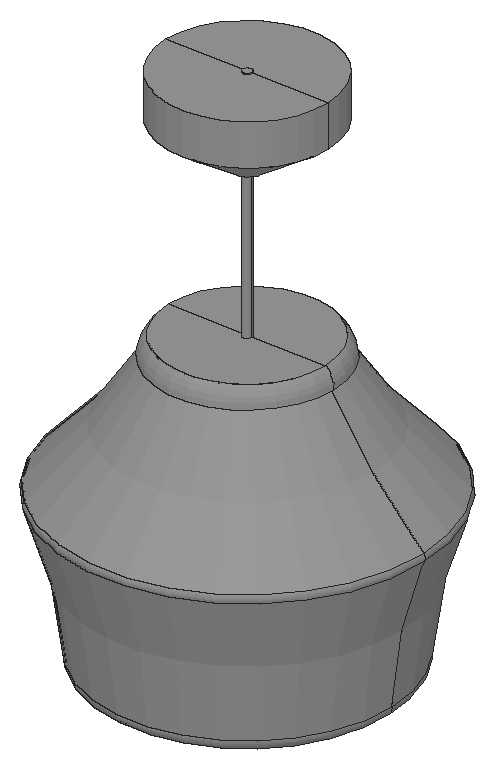
Revit family "63_UN_Pendant_GO-2M Canopy_Signify", category Lighting Fixtures, Revit 2019
Family settings
  Round Connector Dimension = Use Diameter
  Part Type = Normal
  OmniClass Number = 23.80.70.11
  OmniClass Title = Luminaries for Internal Lighting
  Work Plane-Based = No
  Always vertical = Yes
  Cut with Voids When Loaded = No
  Light Source = No
  Shared = No
  Room Calculation Point = Yes
Parameters (values of type "GO-1M")
  Wattage Comments = "10W"
  Voltage = 230 V
  URL = "https://www.signify.com/global/innovation/3d-printing"
  Type Comments = "GO-2M"
  Pendant_Material = UHMW, Black
  Pendant_Length [instance] = 200 mm
  Symbol_ToScale [instance] = yes
  Symbol_RealSize [instance] = not(Symbol_ToScale)  # no
  Switch Code [instance] = ""
  Model = "Pendant"
  Manufacturer = "Signify"
  Luminaire Code [instance] = ""
  Lamp = "LED"
  IfcExportType = "USERDEFINED"
  IfcExportAs = "IfcLightFixtureType"
  Housing_Material = Select RGB Value for different appearance
  Description = ""
  Content Creator® = "www.ivlibrary.com"
  Calc_Pendant_Length [instance] = if(Pendant_Length < 200 mm, 200 mm, if(Pendant_Length > 3000 mm, 3000 mm, Pendant_Length))  # 200 mm
  Assembly Code = "63.0"
  Apparent Load = 10 VA
Reference planes
  plane 1 "Center (Front/Back)": y = 0
  plane 2: z = 0
  plane 3 "Center (Left/Right)": x = 0
  plane 4: z = -200
  plane 5: z = -330
Forms (mm)
  Extrusion 1, solid, material "UHMW, Black" <- "Pendant_Material"
    sketch origin (0, 0, 0) x (1, 0, 0) y (0, 1, 0)
      loop
        circle (0, 0) r 3.848
    from -200 to 0
  Revolve 2, solid, material "UHMW, Black" <- "Pendant_Material"
    sketch origin (0, 0, 0) x (1, 0, 0) y (0, 0, 1)
      loop
        line (-68.5, 0) -> (-68.5, -35.165) -> (-13.084, -72.544) -> (0, -72.544) -> (0, 0) -> (-68.5, 0)
      axis (0, 0) -> (0, -72.544)
    angle from 0 to 360
Lines and regions (mm)
  symbolic lines, visible <- "Symbol_RealSize"
    curve 1: circle (0, 0, 0) r 150 normal (0, 0, 1)
    curve 2: line (-106.066, 106.066, 0) -> (0, 0, 0)
    curve 3: line (0, 0, 0) -> (-106.066, -106.066, 0)
    curve 4: line (106.066, 106.066, 0) -> (0, 0, 0)
    curve 5: line (0, 0, 0) -> (106.066, -106.066, 0)
Dimensions and locks
  "Calc_Pendant_Length": plane 2 to plane 4
  locked: plane 4 to plane 5 at 130
  aligned and locked: level to plane 2
  aligned and locked: plane 2 to Extrusion 1
  aligned and locked: plane 4 to Extrusion 1
  aligned and locked: nested 1 to plane 4
Automatic sketch dimensions
  plane 1 "Center (Front/Back)" to curve 2 = 0 mm
  curve 2 to plane 3 "Center (Left/Right)" = 0 mm
  plane 1 "Center (Front/Back)" to curve 1 = 0 mm
  curve 1 to plane 3 "Center (Left/Right)" = 0 mm
  curve 3 to plane 3 "Center (Left/Right)" = 106.066 mm
  curve 2 to plane 3 "Center (Left/Right)" = 106.066 mm
  plane 1 "Center (Front/Back)" to curve 5 = 106.066 mm
  plane 1 "Center (Front/Back)" to Extrusion 1 sketch curve = 0 mm
  Extrusion 1 sketch curve to plane 3 "Center (Left/Right)" = 0 mm
  Revolve 2 sketch curve to level = 0 mm
  Revolve 2 sketch curve to plane 3 "Center (Left/Right)" = 0 mm  (x2)
  Revolve 2 sketch curve to plane 3 "Center (Left/Right)" = 13.084 mm
  Revolve 2 sketch curve to plane 3 "Center (Left/Right)" = 68.5 mm
  Revolve 2 sketch curve to Revolve 2 sketch curve = 35.165 mm
  Revolve 2 sketch curve to Revolve 2 sketch curve = 72.544 mm
  Revolve 2 sketch curve to Revolve 2 sketch curve = 6.499 mm
  level to Revolve 2 sketch curve = 2214.315 mm
  radius of Extrusion 1 sketch curve = 3.848 mm
Nested families
  nested 1: "GO-2M" at (0, 0, -200), Housing_Material <- "Housing_Material", type "Geometry"
    with Housing_Material Select RGB Value for different appearance
  nested 2: "Ø300 Symbol_Signify" at (0, 0, 0), visible <- "Symbol_ToScale", type "Ø400 Symbol_Signify"
Connectors
  electrical at (0, 0, 0), driven by "Apparent Load", driven by "Voltage"
    settings: index 1, voltage 230 V, apparent load 0 VA, apparent load phase1 10 VA, apparent load phase2 0 VA, apparent load phase3 0 VA, power factor 1, load classification "Other", number of poles 1, system type 31, power factor state 1, is connector primary yes, connector utility no, sub classification motor no, connector description ""
Definition of nested family "GO-2M"
  Parameters (values of type "Geometry")
    URL = "Signify.com"
    Type Comments = ""
    Model = "Geometry"
    Manufacturer = "Signify"
    Lamp = "LED"
    Housing_Material [instance] = none
    Assembly Code = "63.xx"
    Apparent Load = 41 VA
  Reference planes
    plane 1 "Center (Front/Back)": y = 0
    plane 2: z = 0
    plane 3 "Center (Left/Right)": x = 0
    plane 4: z = 0
  Forms (mm)
    Revolve 1, solid, material <- "Housing_Material"
      sketch origin (0, 0, 20.589) x (1, 0, 0) y (0, 0, 1)
        loop
          arc (-70.705, -36.196) -> (-106.153, -87.965) -> (-149.081, -133.723) r 410.225
          arc (-149.081, -133.723) -> (-150.105, -136.817) -> (-149.602, -140.038) r 6.938
          arc (-149.602, -140.038) -> (-130.883, -198.595) -> (-122.038, -259.431) r 372.944
          arc (-122.038, -259.431) -> (-120.665, -264.864) -> (-116.161, -268.197) r 8.328
          arc (-116.161, -268.197) -> (-58.137, -290.768) -> (-4.263, -321.976) r 404.492
          arc (-4.263, -321.976) -> (-2.231, -323.016) -> (0, -323.501) r 8.856
          line (0, -323.501) -> (0, -322.497)
          arc (0, -322.497) -> (-1.934, -322.06) -> (-3.697, -321.152) r 7.856
          arc (-3.697, -321.152) -> (-57.703, -289.867) -> (-115.871, -267.24) r 405.492
          arc (-115.871, -267.24) -> (-119.856, -264.275) -> (-121.035, -259.45) r 7.328
          arc (-121.035, -259.45) -> (-129.9, -198.409) -> (-148.678, -139.656) r 373.944
          arc (-148.678, -139.656) -> (-149.113, -136.966) -> (-148.301, -134.364) r 5.938
          arc (-148.301, -134.364) -> (-105.148, -88.311) -> (-69.551, -36.196) r 411.225
          line (-69.551, -36.196) -> (-70.705, -36.196)
        axis (0, -36.196) -> (0, -323.501)
      angle from 0 to 360
    Revolve 2, solid
      sketch origin (0, 0, 0) x (1, 0, 0) y (0, 0, 1)
        loop
          line (0, -15.607) -> (0, 0) -> (-66.441, 0)
          arc (-66.441, 0) -> (-71.571, -7.066) -> (-73.39, -15.607) r 21.034
          line (-73.39, -15.607) -> (0, -15.607)
        axis (0, 0) -> (0, -15.607)
      angle from 0 to 360
  Lines and regions (mm)
    reference lines
      curve 1: line (-173.969, 0, 0) -> (173.969, 0, 0)
  Dimensions and locks
    aligned and locked: level to plane 2
Definition of nested family "Ø300 Symbol_Signify"
  Reference planes
    plane 1: y = 0
    plane 2: x = 0
  Lines and regions (mm)
    detail lines
      curve 1: circle (0, 0, 0) r 1.5 normal (0, 0, 1)
      curve 2: line (0, 0, 0) -> (-1.061, -1.061, 0)
      curve 3: line (-1.061, 1.061, 0) -> (0, 0, 0)
      curve 4: line (0, 0, 0) -> (1.061, -1.061, 0)
      curve 5: line (1.061, 1.061, 0) -> (0, 0, 0)
